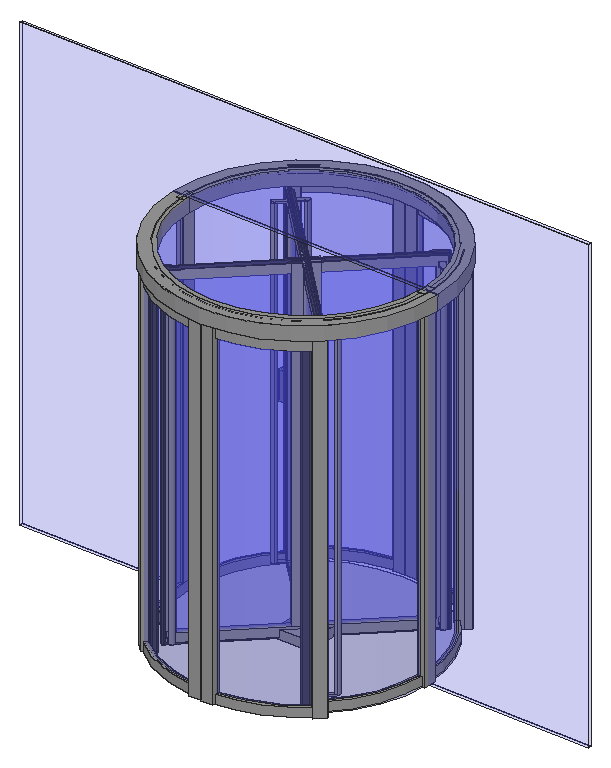
Revit family "Geryon SRD-S01", category Türen, Revit 2016 (continued)
Dimensions and locks
  locked: Extrusion 70 sketch curve to Extrusion 70 sketch curve at 85
  locked: Extrusion 70 sketch curve to Extrusion 70 sketch curve at 48.5
  locked: Extrusion 71 sketch curve to Extrusion 71 sketch curve at 85
  locked: Extrusion 71 sketch curve to Extrusion 71 sketch curve at 48.5
  "DiameterNightLockFrame": Extrusion 71 sketch curve to plane 17
  "DiameterNightLockFrame": plane 15 "120-3" to Extrusion 70 sketch curve
  locked: Extrusion 69 sketch curve to plane 13 "120-1" at 20
  "DiameterNightLockFrame": plane 15 "120-3" to Extrusion 69 sketch curve
  "ConsoleS2": nested 15 to plane 17
  equal spacing: Extrusion 23, nested 6, Sweep 35
  equal spacing: Extrusion 13, nested 11, Extrusion 14
  equal spacing: Extrusion 8, nested 8, Extrusion 8
  equal spacing: Extrusion 7, nested 5, Extrusion 7
  equal spacing: Extrusion 16, nested 9, Extrusion 16
  equal spacing: Extrusion 26, plane 1 "Mitte (Vorne/Hinten)", Extrusion 26
  "DoorThickness": Extrusion 26 to Extrusion 26
  equal spacing: Extrusion 13, plane 10 "180-1", Extrusion 13
  "DoorThickness": Extrusion 13 to Extrusion 13
  equal spacing: nested 8, plane 11 "180-2", Extrusion 8
  "DoorThickness": Extrusion 8 to nested 8
  equal spacing: Extrusion 16, plane 12 "180-3", Extrusion 16
  "DoorThickness": Extrusion 16 to Extrusion 16
  equal spacing: Extrusion 7, plane 9 "180-4", Extrusion 7
  "DoorThickness": Extrusion 7 to Extrusion 7
  equal spacing: Extrusion 23, plane 13 "120-1", Extrusion 23
  "DoorThickness": Extrusion 23 to Extrusion 23
  equal spacing: Extrusion 26, plane 1 "Mitte (Vorne/Hinten)", Extrusion 79 sketch curve
  "DoorThickness": Extrusion 79 sketch curve to Extrusion 79 sketch curve  (x3)
  equal spacing: Extrusion 79 sketch curve, plane 13 "120-1", Extrusion 79 sketch curve
  equal spacing: Extrusion 79 sketch curve, plane 15 "120-3", Extrusion 79 sketch curve
  equal spacing: Extrusion 78 sketch curve, plane 11 "180-2", Extrusion 78 sketch curve
  equal spacing: Extrusion 78 sketch curve, plane 12 "180-3", Extrusion 78 sketch curve
  "DoorThickness": Extrusion 78 sketch curve to Extrusion 78 sketch curve  (x2)
  "FrameThicknessCenter": Extrusion 79 sketch curve to plane 17
  "FrameThicknessCenter": plane 14 "120-2" to Extrusion 79 sketch curve  (x2)
  "FrameThickness": Extrusion 78 sketch curve to Extrusion 78 sketch curve  (x4)
  locked: level to Extrusion 26 sketch curve at 15
  locked: plane 2 to Extrusion 8 sketch curve at 15
  locked: Extrusion 7 sketch curve to plane 2 at 15
  locked: Extrusion 16 sketch curve to plane 8 "access height" at 15
  locked: Extrusion 16 sketch curve to plane 2 at 15
  locked: plane 8 "access height" to Extrusion 7 sketch curve at 15
  locked: Extrusion 23 sketch curve to plane 2 at 15
  locked: plane 8 "access height" to Extrusion 23 sketch curve at 15
  locked: Extrusion 13 sketch curve to plane 2 at 15
  locked: plane 8 "access height" to Extrusion 13 sketch curve at 15
  Extrusion 26 sketch curve to plane 8 "access height" = 15.00 mm
  locked: plane 8 "access height" to Extrusion 8 sketch curve at 15
  "FrameThicknessCenter": plane 19 "upperFrame" to plane 8 "access height"
  "DoorWidth": Extrusion 80 sketch curve to plane 20 "120-3 normal"
  "FrameThickness": Extrusion 80 sketch curve to Extrusion 80 sketch curve  (x3)
  locked: Extrusion 80 sketch curve to plane 2 at 15
  locked: plane 8 "access height" to Extrusion 80 sketch curve at 15
  equal spacing: Extrusion 80, nested 10, Extrusion 80
  equal spacing: Extrusion 80, plane 15 "120-3", Extrusion 80
  "DoorThickness": Extrusion 80 to Extrusion 80
  "Height": plane 2 to plane 7
  equal spacing: Extrusion 1 sketch curve, plane 3 "Mitte (Links/Rechts)", Extrusion 1 sketch curve
  "Width": Extrusion 1 sketch curve to Extrusion 1 sketch curve
  locked: Extrusion 1 to Extrusion 6 sketch curve at 20
  Extrusion 19 sketch curve to Extrusion 1 = 20.00 mm
  "FrameHeight": plane 2 to Extrusion 1 sketch curve
  "AccessLengthOrRadius": radius of curve 1
  "Diameter": radius of curve 2
  "DiameterNightLock": radius of curve 3
  "DiameterNightLockCover": radius of curve 4
  "DiameterNightLockFrame": radius of Extrusion 3 sketch curve
  "DiameterCoverFront": radius of Extrusion 30 sketch curve
  "Diameter": radius of Extrusion 30 sketch curve
  "DiameterCoverFront": radius of Extrusion 39 sketch curve
  "Diameter": radius of Extrusion 39 sketch curve
  "DiameterNightLockGlassInside": radius of Extrusion 45 sketch curve
  "DiameterNightLockGlassOutside": radius of Extrusion 45 sketch curve
  "DiameterNightLockGlassInside": radius of Extrusion 46 sketch curve
  "DiameterNightLockGlassOutside": radius of Extrusion 46 sketch curve
  "DiameterNightLockGlassInside": radius of Extrusion 53 sketch curve
  "DiameterNightLockGlassOutside": radius of Extrusion 53 sketch curve
  "DiameterNightLockGlassInside": radius of Extrusion 54 sketch curve
  "DiameterNightLockGlassOutside": radius of Extrusion 54 sketch curve
  "DiameterNightLockGlassInside": radius of curve 28
  "DiameterNightLockGlassOutside": radius of curve 27
  "DiameterGlassInside": radius of curve 30
  "DiameterGlassOutside": radius of curve 29
  "AccessLengthOrRadius": radius of Extrusion 83 sketch curve
  angle plane 15 "120-3" to plane 16 = 37.50°
  angle plane 16 to plane 11 "180-2" = 37.50°
  aligned and locked: level to plane 2
  aligned and locked: Extrusion 1 to plane 4 "Section L"
  aligned and locked: Extrusion 1 to plane 6 "Oberkante"
  aligned and locked: Extrusion 1 to plane 5 "Section R"
  aligned and locked: Extrusion 1 to level  (x2)
  aligned and locked: Extrusion 21 to nested 3
  aligned and locked: nested 4 to Extrusion 22
  aligned and locked: nested 3 to plane 8 "access height"
  aligned and locked: nested 2 to plane 8 "access height"
  aligned and locked: plane 8 "access height" to nested 1
  aligned and locked: plane 8 "access height" to nested 4
  aligned and locked: Extrusion 30 to plane 8 "access height"
  aligned and locked: plane 7 to Extrusion 30
  aligned and locked: Extrusion 19 to Extrusion 5 sketch curve  (x2)
  aligned and locked: Extrusion 38 sketch curve to curve 2
  aligned and locked: plane 7 to Extrusion 39
  aligned and locked: Extrusion 39 to plane 8 "access height"
  aligned and locked: Extrusion 44 sketch curve to curve 4
  aligned and locked: Extrusion 44 sketch curve to curve 3
  aligned and locked: Extrusion 40 to Extrusion 44 sketch curve
  aligned and locked: Extrusion 42 to Extrusion 44 sketch curve
  aligned and locked: Extrusion 40 to Extrusion 45 sketch curve
  aligned and locked: Extrusion 42 to Extrusion 45 sketch curve
  aligned and locked: Extrusion 47 sketch curve to curve 3
  aligned and locked: Extrusion 47 sketch curve to curve 4
  aligned and locked: Extrusion 47 sketch curve to Extrusion 43
  aligned and locked: Extrusion 46 sketch curve to Extrusion 43
  aligned and locked: Extrusion 43 to Extrusion 48 sketch curve
  aligned and locked: Extrusion 48 sketch curve to curve 4  (x2)
  aligned and locked: Extrusion 48 sketch curve to curve 3  (x2)
  aligned and locked: Extrusion 42 to Extrusion 48 sketch curve
  aligned and locked: Extrusion 40 to Extrusion 48 sketch curve
  aligned and locked: plane 8 "access height" to Extrusion 48
  aligned and locked: Extrusion 53 sketch curve to Extrusion 49
  aligned and locked: Extrusion 53 sketch curve to Extrusion 51
  aligned and locked: Extrusion 52 to Extrusion 54 sketch curve
  aligned and locked: plane 8 "access height" to Extrusion 56
  aligned and locked: Extrusion 55 sketch curve to curve 4  (x2)
  aligned and locked: Extrusion 55 sketch curve to curve 3  (x2)
  aligned and locked: Extrusion 51 to Extrusion 55 sketch curve
  aligned and locked: Extrusion 49 to Extrusion 55 sketch curve
  aligned and locked: Extrusion 50 to Extrusion 55 sketch curve
  aligned and locked: Extrusion 52 to Extrusion 55 sketch curve
  aligned and locked: Extrusion 56 sketch curve to curve 4  (x2)
  aligned and locked: Extrusion 56 sketch curve to curve 3  (x2)
  aligned and locked: Extrusion 51 to Extrusion 56 sketch curve
  aligned and locked: Extrusion 49 to Extrusion 56 sketch curve
  aligned and locked: Extrusion 50 to Extrusion 56 sketch curve
  aligned and locked: Extrusion 52 to Extrusion 56 sketch curve
  aligned and locked: nested 4 to nested 12
  aligned and locked: plane 8 "access height" to Extrusion 49
  aligned and locked: plane 8 "access height" to Extrusion 50
  aligned and locked: plane 8 "access height" to Extrusion 51
  aligned and locked: plane 8 "access height" to Extrusion 42
  aligned and locked: plane 8 "access height" to Extrusion 20
  aligned and locked: plane 8 "access height" to Extrusion 52
  aligned and locked: plane 8 "access height" to Extrusion 22
  aligned and locked: plane 8 "access height" to Extrusion 21
  aligned and locked: plane 8 "access height" to Extrusion 40
  aligned and locked: plane 8 "access height" to Extrusion 41
  aligned and locked: plane 8 "access height" to Extrusion 43
  aligned and locked: nested 1 to Extrusion 57
  aligned and locked: Extrusion 59 sketch curve to curve 1
  aligned and locked: Extrusion 59 sketch curve to plane 9 "180-4"
  aligned and locked: Extrusion 59 sketch curve to plane 12 "180-3"
  aligned and locked: Extrusion 59 sketch curve to curve 2
  aligned and locked: plane 8 "access height" to Extrusion 60
  aligned and locked: plane 8 "access height" to Extrusion 57
  aligned and locked: Extrusion 61 to nested 14  (x2)
  aligned and locked: Extrusion 63 sketch curve to curve 3
  aligned and locked: Extrusion 63 sketch curve to curve 4
  aligned and locked: Extrusion 63 sketch curve to plane 15 "120-3"
  aligned and locked: Extrusion 63 sketch curve to plane 11 "180-2"
  aligned and locked: Extrusion 64 sketch curve to curve 27  (x2)
  aligned and locked: Extrusion 64 sketch curve to curve 28  (x2)
  aligned and locked: Extrusion 67 to plane 16
  aligned and locked: Extrusion 68 sketch curve to curve 3
  aligned and locked: Extrusion 68 sketch curve to curve 4
  aligned and locked: Extrusion 68 sketch curve to plane 11 "180-2"
  aligned and locked: Extrusion 68 sketch curve to plane 15 "120-3"
  aligned and locked: Extrusion 65 sketch curve to curve 28  (x2)
  aligned and locked: Extrusion 65 sketch curve to curve 27  (x2)
  aligned and locked: Extrusion 66 to Extrusion 65 sketch curve
  aligned and locked: Extrusion 67 to Extrusion 65 sketch curve
  aligned and locked: plane 17 to Extrusion 71 sketch curve
  aligned and locked: plane 17 to Extrusion 70 sketch curve
  aligned and locked: Extrusion 69 to nested 15
  aligned and locked: Extrusion 72 sketch curve to curve 4  (x2)
  aligned and locked: Extrusion 72 sketch curve to curve 3  (x2)
  aligned and locked: Extrusion 70 to Extrusion 72 sketch curve
  aligned and locked: Extrusion 71 to Extrusion 72 sketch curve
  aligned and locked: Extrusion 69 to Extrusion 72 sketch curve
  aligned and locked: Extrusion 52 to Extrusion 72 sketch curve
  aligned and locked: Extrusion 73 sketch curve to curve 4  (x2)
  aligned and locked: Extrusion 73 sketch curve to curve 3  (x2)
  aligned and locked: Extrusion 69 to Extrusion 73 sketch curve
  aligned and locked: Extrusion 70 to Extrusion 73 sketch curve
  aligned and locked: Extrusion 71 to Extrusion 73 sketch curve
  aligned and locked: Extrusion 52 to Extrusion 73 sketch curve
  aligned and locked: plane 8 "access height" to Extrusion 73
  aligned and locked: plane 8 "access height" to Extrusion 65
  aligned and locked: Extrusion 74 sketch curve to curve 27
  aligned and locked: Extrusion 74 sketch curve to curve 28  (x2)
  aligned and locked: Extrusion 69 to Extrusion 74 sketch curve
  aligned and locked: Extrusion 52 to Extrusion 74 sketch curve
  aligned and locked: Extrusion 70 to Extrusion 74 sketch curve
  aligned and locked: Extrusion 71 to Extrusion 74 sketch curve
  aligned and locked: Extrusion 74 sketch curve to Extrusion 53
  aligned and locked: Extrusion 62 to Extrusion 64 sketch curve
  aligned and locked: Extrusion 64 sketch curve to Extrusion 43
  aligned and locked: Extrusion 66 to Extrusion 64 sketch curve
  aligned and locked: Extrusion 67 to Extrusion 64 sketch curve
  aligned and locked: Extrusion 62 to Extrusion 65 sketch curve
  aligned and locked: Extrusion 43 to Extrusion 65 sketch curve
  aligned and locked: Extrusion 75 sketch curve to curve 2
  aligned and locked: Extrusion 75 sketch curve to curve 1
  aligned and locked: Extrusion 75 sketch curve to plane 13 "120-1"
  aligned and locked: Extrusion 75 sketch curve to plane 15 "120-3"
  aligned and locked: Extrusion 76 sketch curve to curve 1
  aligned and locked: Extrusion 76 sketch curve to curve 2
  aligned and locked: Extrusion 76 sketch curve to plane 10 "180-1"
  aligned and locked: Extrusion 76 sketch curve to plane 11 "180-2"
  aligned and locked: Extrusion 6 to Extrusion 58 sketch curve  (x2)
  aligned and locked: Extrusion 58 sketch curve to plane 9 "180-4"
  aligned and locked: Extrusion 58 sketch curve to curve 30  (x2)
  aligned and locked: Extrusion 58 sketch curve to curve 29  (x2)
  aligned and locked: Extrusion 58 sketch curve to plane 12 "180-3"
  aligned and locked: Extrusion 6 to Extrusion 77 sketch curve  (x2)
  aligned and locked: Extrusion 77 sketch curve to curve 29  (x2)
  aligned and locked: Extrusion 77 sketch curve to curve 30  (x2)
  aligned and locked: Extrusion 61 to Extrusion 77 sketch curve
  aligned and locked: Extrusion 57 to Extrusion 77 sketch curve
  aligned and locked: plane 11 "180-2" to Extrusion 13 sketch curve  (x2)
  aligned and locked: Extrusion 8 sketch curve to plane 12 "180-3"
  aligned and locked: Extrusion 23 sketch curve to Extrusion 23 sketch curve
  aligned and locked: Extrusion 26 sketch curve to plane 3 "Mitte (Links/Rechts)"
  aligned and locked: plane 11 "180-2" to Extrusion 14
  aligned and locked: plane 12 "180-3" to Extrusion 9
  aligned and locked: plane 18 to Extrusion 24
  aligned and locked: plane 18 to Extrusion 25
  aligned and locked: nested 6 to Extrusion 23
  aligned and locked: nested 7 to Extrusion 26
  aligned and locked: nested 11 to Extrusion 13
  aligned and locked: nested 8 to Extrusion 8
  aligned and locked: Extrusion 15 to Extrusion 29 sketch curve
  aligned and locked: Extrusion 5 sketch curve to curve 29  (x2)
  aligned and locked: Extrusion 5 sketch curve to curve 30  (x2)
  aligned and locked: Extrusion 26 to plane 3 "Mitte (Links/Rechts)"
  aligned and locked: Extrusion 78 sketch curve to Extrusion 78 sketch curve  (x4)
  aligned and locked: plane 11 "180-2" to Extrusion 16 sketch curve  (x2)
  aligned and locked: plane 12 "180-3" to Extrusion 7 sketch curve  (x2)
  aligned and locked: Extrusion 9 to Extrusion 7
  aligned and locked: Extrusion 23 sketch curve to plane 18
  aligned and locked: Extrusion 29 to Extrusion 16  (x2)
  aligned and locked: plane 3 "Mitte (Links/Rechts)" to Extrusion 26 sketch curve
  aligned and locked: plane 12 "180-3" to Extrusion 8 sketch curve
  aligned and locked: Extrusion 56 to plane 19 "upperFrame"
  aligned and locked: Extrusion 73 to plane 19 "upperFrame"
  aligned and locked: plane 19 "upperFrame" to Extrusion 74
  aligned and locked: plane 19 "upperFrame" to Extrusion 53
  aligned and locked: plane 19 "upperFrame" to Extrusion 9
  aligned and locked: Extrusion 48 to plane 19 "upperFrame"
  aligned and locked: plane 19 "upperFrame" to Extrusion 45
  aligned and locked: Extrusion 68 to plane 19 "upperFrame"
  aligned and locked: Extrusion 65 to plane 19 "upperFrame"
  aligned and locked: plane 19 "upperFrame" to Extrusion 64
  aligned and locked: plane 19 "upperFrame" to Extrusion 54
  aligned and locked: plane 19 "upperFrame" to Extrusion 27
  aligned and locked: plane 19 "upperFrame" to Extrusion 12
  aligned and locked: plane 19 "upperFrame" to Extrusion 46
  aligned and locked: plane 19 "upperFrame" to Extrusion 28
  aligned and locked: plane 19 "upperFrame" to Extrusion 11
  aligned and locked: plane 19 "upperFrame" to Extrusion 15
  aligned and locked: plane 19 "upperFrame" to Extrusion 14
  aligned and locked: plane 19 "upperFrame" to Extrusion 17
  aligned and locked: plane 19 "upperFrame" to Extrusion 18
  aligned and locked: plane 19 "upperFrame" to Extrusion 10
  aligned and locked: Extrusion 25 to Extrusion 23
  aligned and locked: Extrusion 24 to Extrusion 23
  aligned and locked: Extrusion 15 to Extrusion 13
  aligned and locked: Extrusion 14 to Extrusion 13
  aligned and locked: Extrusion 28 to Extrusion 26
  aligned and locked: Extrusion 27 to Extrusion 26
  aligned and locked: Extrusion 12 to Extrusion 8
  aligned and locked: Extrusion 11 to Extrusion 8
  aligned and locked: Extrusion 17 to Extrusion 16
  aligned and locked: nested 9 to Extrusion 16
  aligned and locked: Extrusion 7 to nested 5
  aligned and locked: Extrusion 23 to nested 6
  aligned and locked: Extrusion 80 sketch curve to plane 20 "120-3 normal"  (x2)
  aligned and locked: Extrusion 18 to Extrusion 16
  aligned and locked: Extrusion 10 to Extrusion 7
  aligned and locked: Extrusion 80 to nested 10
  aligned and locked: Extrusion 5 sketch curve to Extrusion 20
  aligned and locked: Extrusion 22 to Extrusion 5 sketch curve
  aligned and locked: Extrusion 78 to Extrusion 7
  aligned and locked: Extrusion 79 to Extrusion 7
  aligned and locked: Extrusion 26 to nested 16
  aligned and locked: Extrusion 8 to nested 17
  aligned and locked: Extrusion 80 to nested 18
  aligned and locked: Extrusion 16 to nested 19
  aligned and locked: Extrusion 7 to nested 20
  aligned and locked: Extrusion 23 to nested 21
  aligned and locked: Extrusion 13 to nested 22
  aligned and locked: nested 8 to nested 17
  aligned and locked: nested 7 to nested 16
  aligned and locked: nested 10 to nested 18
  aligned and locked: nested 9 to nested 19
  aligned and locked: nested 5 to nested 20
  aligned and locked: nested 6 to nested 21
  aligned and locked: nested 11 to nested 22
  aligned and locked: Extrusion 24 to Extrusion 7  (x2)
  aligned and locked: Extrusion 25 to Extrusion 7
  aligned and locked: Extrusion 27 to Extrusion 8
  aligned and locked: plane 8 "access height" to Extrusion 71
  aligned and locked: plane 8 "access height" to Extrusion 70
  aligned and locked: plane 8 "access height" to Extrusion 66
  aligned and locked: plane 8 "access height" to Extrusion 67
  aligned and locked: plane 8 "access height" to Extrusion 68
  aligned and locked: nested 14 to plane 8 "access height"
  aligned and locked: plane 8 "access height" to Extrusion 61
  aligned and locked: plane 8 "access height" to Extrusion 62
  aligned and locked: plane 8 "access height" to Extrusion 69
  aligned and locked: Extrusion 29 to Extrusion 80
  aligned and locked: Extrusion 81 sketch curve to plane 20 "120-3 normal"
  aligned and locked: Extrusion 80 to Extrusion 81 sketch curve
  aligned and locked: Extrusion 81 sketch curve to Extrusion 80  (x2)
  aligned and locked: Extrusion 82 sketch curve to Extrusion 83
  aligned and locked: Extrusion 82 sketch curve to Extrusion 3
  aligned and locked: Extrusion 9 to Extrusion 72
Automatic sketch dimensions
  plane 1 "Mitte (Vorne/Hinten)" to curve 26 = 0.00 mm
  curve 26 to plane 3 "Mitte (Links/Rechts)" = 0.00 mm
  plane 9 "180-4" to Extrusion 2 sketch curve = 0.00 mm
  Extrusion 4 sketch curve to plane 15 "120-3" = 0.00 mm
  plane 1 "Mitte (Vorne/Hinten)" to Extrusion 4 sketch curve = 0.00 mm
  plane 10 "180-1" to Extrusion 4 sketch curve = 52.023 mm
  Extrusion 4 sketch curve to Extrusion 4 sketch curve = 147.131 mm
  Extrusion 4 sketch curve to Extrusion 4 sketch curve = 199.686 mm
  Extrusion 4 sketch curve to Extrusion 4 sketch curve = 285.181 mm
  plane 1 "Mitte (Vorne/Hinten)" to Extrusion 6 sketch curve = 42.50 mm
  Extrusion 9 sketch curve to plane 10 "180-1" = 0.00 mm
  level to Extrusion 10 sketch curve = 63.00 mm
  Extrusion 10 sketch curve to plane 8 "access height" = 75.00 mm
  level to Extrusion 11 sketch curve = 63.00 mm
  Extrusion 11 sketch curve to plane 8 "access height" = 75.00 mm
  level to Extrusion 12 sketch curve = 63.00 mm
  Extrusion 12 sketch curve to plane 8 "access height" = 75.00 mm
  plane 9 "180-4" to Extrusion 14 sketch curve = 0.00 mm
  level to Extrusion 14 sketch curve = 63.00 mm
  Extrusion 14 sketch curve to Extrusion 14 sketch curve = 727.00 mm
  Extrusion 14 sketch curve to plane 8 "access height" = 75.00 mm
  plane 9 "180-4" to Extrusion 15 sketch curve = 0.001 mm
  level to Extrusion 15 sketch curve = 63.00 mm
  Extrusion 15 sketch curve to Extrusion 15 sketch curve = 726.999 mm
  Extrusion 15 sketch curve to plane 8 "access height" = 75.00 mm
  plane 9 "180-4" to Extrusion 17 sketch curve = 0.001 mm
  level to Extrusion 17 sketch curve = 63.00 mm
  Extrusion 17 sketch curve to Extrusion 17 sketch curve = 727.001 mm
  Extrusion 17 sketch curve to plane 8 "access height" = 75.00 mm
  plane 9 "180-4" to Extrusion 18 sketch curve = 0.001 mm
  level to Extrusion 18 sketch curve = 63.00 mm
  Extrusion 18 sketch curve to Extrusion 18 sketch curve = 727.001 mm
  Extrusion 18 sketch curve to plane 8 "access height" = 75.00 mm
  Extrusion 19 sketch curve to plane 1 "Mitte (Vorne/Hinten)" = 42.50 mm
  Extrusion 24 sketch curve to Extrusion 24 sketch curve = 727.00 mm
  level to Extrusion 25 sketch curve = 63.00 mm
  Extrusion 25 sketch curve to Extrusion 25 sketch curve = 727.00 mm
  Extrusion 25 sketch curve to plane 8 "access height" = 78.00 mm
  plane 3 "Mitte (Links/Rechts)" to Extrusion 27 sketch curve = 0.00 mm
  level to Extrusion 28 sketch curve = 63.00 mm
  Extrusion 28 sketch curve to plane 8 "access height" = 75.00 mm
  Extrusion 44 sketch curve to Extrusion 44 sketch curve = 0.00 mm  (x2)
  plane 3 "Mitte (Links/Rechts)" to Extrusion 47 sketch curve = 77.839 mm
  plane 3 "Mitte (Links/Rechts)" to Extrusion 48 sketch curve = 77.839 mm
  Extrusion 58 sketch curve to plane 10 "180-1" = 0.00 mm  (x2)
  Extrusion 59 sketch curve to plane 9 "180-4" = 0.00 mm  (x2)
  Extrusion 63 sketch curve to plane 15 "120-3" = 0.00 mm  (x2)
  Extrusion 68 sketch curve to plane 15 "120-3" = 0.00 mm  (x2)
  Extrusion 73 sketch curve to Extrusion 73 sketch curve = 0.00 mm  (x2)
  Extrusion 75 sketch curve to plane 13 "120-1" = 0.00 mm  (x2)
  plane 10 "180-1" to Extrusion 76 sketch curve = 0.00 mm  (x2)
  plane 10 "180-1" to Extrusion 11 sketch curve = 0.00 mm
  plane 10 "180-1" to Extrusion 12 sketch curve = 0.00 mm
  Extrusion 10 sketch curve to plane 10 "180-1" = 0.001 mm
  plane 3 "Mitte (Links/Rechts)" to Extrusion 28 sketch curve = 0.00 mm
  Extrusion 27 sketch curve to plane 8 "access height" = 75.00 mm
  level to Extrusion 27 sketch curve = 78.00 mm
  Extrusion 11 sketch curve to Extrusion 11 sketch curve = 727.00 mm
  Extrusion 12 sketch curve to Extrusion 12 sketch curve = 727.00 mm
  Extrusion 9 sketch curve to plane 8 "access height" = 75.00 mm
  level to Extrusion 9 sketch curve = 63.00 mm
  Extrusion 9 sketch curve to Extrusion 9 sketch curve = 727.00 mm
  Extrusion 10 sketch curve to Extrusion 10 sketch curve = 726.999 mm
  Extrusion 24 sketch curve to plane 18 = 0.00 mm
  level to Extrusion 24 sketch curve = 78.00 mm
  Extrusion 24 sketch curve to plane 8 "access height" = 78.00 mm
  level to Extrusion 29 sketch curve = 78.00 mm
  Extrusion 29 sketch curve to plane 19 "upperFrame" = 3.00 mm
  Extrusion 29 sketch curve to plane 20 "120-3 normal" = 727.00 mm
  Extrusion 27 sketch curve to Extrusion 27 sketch curve = 727.00 mm
  Extrusion 28 sketch curve to Extrusion 28 sketch curve = 727.00 mm
  curve 1 to curve 2 = 0.00 mm  (x2)
  curve 1 to curve 3 = 0.00 mm  (x2)
  curve 1 to curve 4 = 0.00 mm  (x2)
  curve 1 to curve 27 = 0.00 mm  (x2)
  curve 1 to curve 28 = 0.00 mm  (x2)
  curve 1 to curve 29 = 0.00 mm  (x2)
  curve 1 to curve 30 = 0.00 mm  (x2)
  plane 1 "Mitte (Vorne/Hinten)" to curve 24 = 0.00 mm
  plane 1 "Mitte (Vorne/Hinten)" to curve 4 = 0.00 mm
  curve 4 to plane 3 "Mitte (Links/Rechts)" = 0.00 mm
  plane 13 "120-1" to curve 23 = 0.00 mm
  plane 15 "120-3" to curve 23 = 0.00 mm
  curve 25 to curve 1 = 40.00 mm
  plane 3 "Mitte (Links/Rechts)" to curve 23 = 20.00 mm  (x2)
  plane 1 "Mitte (Vorne/Hinten)" to Extrusion 3 sketch curve = 0.00 mm
  Extrusion 3 sketch curve to plane 3 "Mitte (Links/Rechts)" = 0.00 mm
  Extrusion 30 sketch curve to Extrusion 30 sketch curve = 0.00 mm
  plane 1 "Mitte (Vorne/Hinten)" to Extrusion 30 sketch curve = 0.00 mm
  Extrusion 30 sketch curve to plane 3 "Mitte (Links/Rechts)" = 0.00 mm
  Extrusion 39 sketch curve to Extrusion 39 sketch curve = 0.00 mm
  plane 1 "Mitte (Vorne/Hinten)" to Extrusion 39 sketch curve = 0.00 mm
  Extrusion 39 sketch curve to plane 3 "Mitte (Links/Rechts)" = 0.00 mm
  Extrusion 40 sketch curve to plane 3 "Mitte (Links/Rechts)" = 0.00 mm
  Extrusion 40 sketch curve to Extrusion 40 sketch curve = 1.80 mm  (x2)
  Extrusion 40 sketch curve to Extrusion 40 sketch curve = 2.00 mm  (x2)
  Extrusion 41 sketch curve to Extrusion 41 sketch curve = 2.00 mm  (x4)
  Extrusion 41 sketch curve to plane 3 "Mitte (Links/Rechts)" = 0.00 mm
  Extrusion 42 sketch curve to Extrusion 42 sketch curve = 2.00 mm  (x4)
  plane 10 "180-1" to Extrusion 42 sketch curve = 65.00 mm
  Extrusion 43 sketch curve to Extrusion 43 sketch curve = 2.00 mm  (x4)
  plane 9 "180-4" to Extrusion 43 sketch curve = 19.998 mm
  Extrusion 45 sketch curve to Extrusion 45 sketch curve = 0.00 mm  (x2)
  plane 1 "Mitte (Vorne/Hinten)" to Extrusion 45 sketch curve = 0.00 mm
  Extrusion 45 sketch curve to plane 3 "Mitte (Links/Rechts)" = 0.00 mm
  Extrusion 46 sketch curve to Extrusion 46 sketch curve = 0.00 mm  (x2)
  plane 1 "Mitte (Vorne/Hinten)" to Extrusion 46 sketch curve = 0.00 mm
  Extrusion 46 sketch curve to plane 3 "Mitte (Links/Rechts)" = 0.00 mm
  Extrusion 46 sketch curve to plane 3 "Mitte (Links/Rechts)" = 85.00 mm
  Extrusion 49 sketch curve to Extrusion 49 sketch curve = 1.80 mm  (x2)
  plane 3 "Mitte (Links/Rechts)" to Extrusion 49 sketch curve = 0.00 mm
  Extrusion 49 sketch curve to Extrusion 49 sketch curve = 2.00 mm  (x2)
  Extrusion 50 sketch curve to Extrusion 50 sketch curve = 2.00 mm  (x4)
  plane 3 "Mitte (Links/Rechts)" to Extrusion 50 sketch curve = 0.001 mm
  Extrusion 51 sketch curve to Extrusion 51 sketch curve = 2.00 mm  (x4)
  Extrusion 51 sketch curve to plane 9 "180-4" = 20.001 mm
  Extrusion 52 sketch curve to Extrusion 52 sketch curve = 2.00 mm  (x4)
  Extrusion 52 sketch curve to plane 10 "180-1" = 65.00 mm
  Extrusion 53 sketch curve to Extrusion 53 sketch curve = 0.00 mm  (x2)
  plane 1 "Mitte (Vorne/Hinten)" to Extrusion 53 sketch curve = 0.00 mm
  Extrusion 53 sketch curve to plane 3 "Mitte (Links/Rechts)" = 0.00 mm
  Extrusion 54 sketch curve to Extrusion 54 sketch curve = 0.00 mm  (x2)
  Extrusion 54 sketch curve to plane 3 "Mitte (Links/Rechts)" = 0.00 mm
  Extrusion 54 sketch curve to plane 9 "180-4" = 0.00 mm
  plane 3 "Mitte (Links/Rechts)" to Extrusion 54 sketch curve = 85.00 mm
  Extrusion 57 sketch curve to Extrusion 57 sketch curve = 2.00 mm  (x4)
  Extrusion 57 sketch curve to plane 13 "120-1" = 20.001 mm
  Extrusion 60 sketch curve to Extrusion 60 sketch curve = 2.00 mm  (x4)
  Extrusion 62 sketch curve to Extrusion 62 sketch curve = 2.00 mm  (x4)
  Extrusion 62 sketch curve to plane 15 "120-3" = 65.00 mm
  Extrusion 66 sketch curve to plane 16 = 0.00 mm
  Extrusion 66 sketch curve to Extrusion 66 sketch curve = 1.80 mm  (x2)
  Extrusion 66 sketch curve to Extrusion 66 sketch curve = 2.00 mm  (x2)
  Extrusion 67 sketch curve to plane 16 = 0.00 mm
  Extrusion 67 sketch curve to Extrusion 67 sketch curve = 1.80 mm  (x2)
  Extrusion 67 sketch curve to Extrusion 67 sketch curve = 2.00 mm  (x2)
  Extrusion 69 sketch curve to Extrusion 69 sketch curve = 2.00 mm  (x4)
  Extrusion 70 sketch curve to Extrusion 70 sketch curve = 1.80 mm  (x2)
  Extrusion 70 sketch curve to Extrusion 70 sketch curve = 2.00 mm
  plane 17 to Extrusion 70 sketch curve = 2.00 mm
  Extrusion 70 sketch curve to Extrusion 70 sketch curve = 0.00 mm
  Extrusion 71 sketch curve to Extrusion 71 sketch curve = 1.80 mm  (x2)
  Extrusion 71 sketch curve to Extrusion 71 sketch curve = 2.00 mm
  plane 17 to Extrusion 71 sketch curve = 2.00 mm
  Extrusion 71 sketch curve to Extrusion 71 sketch curve = 0.00 mm
  plane 1 "Mitte (Vorne/Hinten)" to Extrusion 83 sketch curve = 0.00 mm
  Extrusion 83 sketch curve to plane 3 "Mitte (Links/Rechts)" = 0.00 mm
  Extrusion 1 sketch curve to level = 0.00 mm  (x2)
  plane 4 "Section L" to Extrusion 1 sketch curve = 0.00 mm
  plane 5 "Section R" to Extrusion 1 sketch curve = 0.00 mm
  Extrusion 1 sketch curve to plane 6 "Oberkante" = 0.00 mm
  radius of curve 26 = 3224.078 mm
Nested families
  nested 1: "rubber profile" at (-370.811, 772.302, 0) x (0.5, -0.866, 0) z (0, 0, 1), visible <- "RotationInterval 120", type "rubber profile"
    with ClearHeight 2400.00 mm
  nested 2: "rubber profile" at (558.107, 650.008, 0) x (-0.7071, -0.7071, 0) z (0, 0, 1), type "rubber profile"
    with ClearHeight 2400.00 mm
  nested 3: "rubber profile" at (-558.061, -650.008, 0) x (0.7071, 0.7071, 0) z (0, 0, 1), visible <- "RotationInterval 180", type "rubber profile"
    with ClearHeight 2400.00 mm
  nested 4: "rubber profile" at (558.108, -650.007, 0) x (-0.7071, 0.7071, 0) z (0, 0, 1), type "rubber profile"
    with ClearHeight 2400.00 mm
  nested 5: "handle" at (-522.175, 550.483, 0) x (0.7071, -0.7071, 0) z (0, 0, 1), visible <- "HasGrabHandles 180", type "grabHandle"
    with ClearHeight 2400.00 mm
  nested 6: "handle" at (-361.906, 666.88, 0) x (0.5, -0.866, 0) z (0, 0, 1), visible <- "HasGrabHandles 120", type "grabHandle"
    with ClearHeight 2400.00 mm
  nested 7: "handle" at (758.523, -20, 0) x (-1, 0, 0) z (0, 0, 1), visible <- "HasGrabHandles 120", type "grabHandle"
    with ClearHeight 2400.00 mm
  nested 8: "handle" at (522.221, -550.483, 0) x (-0.7071, 0.7071, 0) z (0, 0, 1), visible <- "HasGrabHandles 180", type "grabHandle"
    with ClearHeight 2400.00 mm
  nested 9: "handle" at (-550.46, -522.198, 0) x (0.7071, 0.7071, 0) z (0, 0, 1), visible <- "HasGrabHandles 180", type "grabHandle"
    with ClearHeight 2400.00 mm
  nested 10: "handle" at (-396.547, -646.88, 0) x (0.5, 0.866, 0) z (0, 0, 1), visible <- "HasGrabHandles 120", type "grabHandle"
    with ClearHeight 2400.00 mm
  nested 11: "handle" at (550.506, 522.198, 0) x (-0.7071, -0.7071, 0) z (0, 0, 1), visible <- "HasGrabHandles 180", type "grabHandle"
    with ClearHeight 2400.00 mm
  nested 12: "console" at (610.964, -702.864, 950) x (0.7071, -0.7071, 0) z (0, 0, 1), visible <- "HasConsoleS1", type <- "ConsoleType", type "Type 5"
    with OpeningStart 49.00 mm, ConsoleHeight 192.00 mm
  nested 13: "console" at (-610.917, 702.864, 950) x (-0.7071, 0.7071, 0) z (0, 0, 1), visible <- "HasLock 180", type <- "ConsoleType", type "Type 5"
    with OpeningStart 49.00 mm, ConsoleHeight 192.00 mm
  nested 14: "rubber profile" at (-370.81, -772.302, 0) x (0.5, 0.866, 0) z (0, 0, 1), visible <- "RotationInterval 120", type "rubber profile"
    with ClearHeight 2400.00 mm
  nested 15: "console" at (-408.185, 837.038, 950) x (-0.5, 0.866, 0) z (0, 0, 1), visible <- "HasConsoleS2 120", type <- "ConsoleType", type "Type 5"
    with OpeningStart 49.00 mm, ConsoleHeight 192.00 mm
  nested 16: "handle" at (758.523, 20, 0) x (-1, 0, 0) z (0, 0, 1), visible <- "HasGrabHandles 120", type "grabHandle"
    with ClearHeight 2400.00 mm
  nested 17: "handle" at (550.506, -522.198, 0) x (-0.7071, 0.7071, 0) z (0, 0, 1), visible <- "HasGrabHandles 180", type "grabHandle"
    with ClearHeight 2400.00 mm
  nested 18: "handle" at (-361.906, -666.88, 0) x (0.5, 0.866, 0) z (0, 0, 1), visible <- "HasGrabHandles 120", type "grabHandle"
    with ClearHeight 2400.00 mm
  nested 19: "handle" at (-522.175, -550.483, 0) x (0.7071, 0.7071, 0) z (0, 0, 1), visible <- "HasGrabHandles 180", type "grabHandle"
    with ClearHeight 2400.00 mm
  nested 20: "handle" at (-550.46, 522.198, 0) x (0.7071, -0.7071, 0) z (0, 0, 1), visible <- "HasGrabHandles 180", type "grabHandle"
    with ClearHeight 2400.00 mm
  nested 21: "handle" at (-396.547, 646.88, 0) x (0.5, -0.866, 0) z (0, 0, 1), visible <- "HasGrabHandles 120", type "grabHandle"
    with ClearHeight 2400.00 mm
  nested 22: "handle" at (522.221, 550.483, 0) x (-0.7071, -0.7071, 0) z (0, 0, 1), visible <- "HasGrabHandles 180", type "grabHandle"
    with ClearHeight 2400.00 mm
Definition of nested family "rubber profile"
  Parameters
    RubberMaterial = none
    ClearHeight [instance] = 860.00 mm
  Reference planes
    plane 1 "Mitte (Vorne/Hinten)": y = 0
    plane 2: z = 0
    plane 3 "Mitte (Links/Rechts)": x = 0
    plane 4: z = 860
  Forms (mm)
    Extrusion 1, solid, material <- "RubberMaterial"
      sketch origin (959.147, -87.353, 0) x (0.707107, 0.707107, 0) y (-0.707107, 0.707107, 0)
        loop
          arc (-590.457, 784.714) -> (-606.688, 774.354) -> (-621.477, 762.023) r 151.839
          arc (-621.477, 762.023) -> (-625.471, 757.342) -> (-628.391, 751.926) r 29.082
          line (-628.391, 751.926) -> (-604.513, 728.049)
          arc (-604.513, 728.049) -> (-599.097, 730.968) -> (-594.416, 734.962) r 29.082
          arc (-594.416, 734.962) -> (-582.085, 749.751) -> (-571.725, 765.982) r 151.839
          arc (-571.725, 765.982) -> (-574.044, 782.395) -> (-590.457, 784.714) r 13.785
      from 0 to 860
  Dimensions and locks
    "ClearHeight": plane 2 to plane 4
    aligned and locked: level to plane 2
    aligned and locked: plane 4 to Extrusion 1
  Automatic sketch dimensions
    plane 1 "Mitte (Vorne/Hinten)" to Extrusion 1 sketch curve = 0.00 mm  (x2)
    Extrusion 1 sketch curve to plane 3 "Mitte (Links/Rechts)" = 0.00 mm
    Extrusion 1 sketch curve to plane 1 "Mitte (Vorne/Hinten)" = 7.937 mm
    Extrusion 1 sketch curve to plane 3 "Mitte (Links/Rechts)" = 132.648 mm
    Extrusion 1 sketch curve to Extrusion 1 sketch curve = 76.246 mm  (x2)
    Extrusion 1 sketch curve to Extrusion 1 sketch curve = 12.864 mm  (x2)
    Extrusion 1 sketch curve to Extrusion 1 sketch curve = 11.013 mm
    Extrusion 1 sketch curve to Extrusion 1 sketch curve = 3.039 mm
    Extrusion 1 sketch curve to Extrusion 1 sketch curve = 17.683 mm
    Extrusion 1 sketch curve to Extrusion 1 sketch curve = 87.47 mm
    Extrusion 1 sketch curve to Extrusion 1 sketch curve = 7.059 mm
    Extrusion 1 sketch curve to Extrusion 1 sketch curve = 0.00 mm  (x3)
Definition of nested family "handle"
  Parameters
    HasHandleBar = yes
    HasGrabHandle = no
    HandleMaterial = none
    ClearHeight = 2180.00 mm
  Reference planes
    plane 1 "Mitte (Vorne/Hinten)": y = 0
    plane 2: z = 0
    plane 3 "Mitte (Links/Rechts)": x = 0
    plane 4: z = 2180
  Forms (mm)
    Sweep 1, solid, material <- "HandleMaterial", visible <- "HasGrabHandle"
      path in 3D
        loop
          line (0, 0, 1200) -> (0, 37, 1200)
          arc (0, 37, 1200) -> (10.251, 61.749, 1200) -> (35, 72, 1200) r 35
          line (35, 72, 1200) -> (70, 72, 1200)
          arc (70, 72, 1200) -> (94.749, 72, 1189.749) -> (105, 72, 1165) r 35
          line (105, 72, 1165) -> (105, 72, 935)
          arc (105, 72, 935) -> (94.749, 72, 910.251) -> (70, 72, 900) r 35
          line (70, 72, 900) -> (35, 72, 900)
          arc (35, 72, 900) -> (10.251, 61.749, 900) -> (0, 37, 900) r 35
          line (0, 37, 900) -> (0, 0, 900)
      profile origin (0, 18.5, 1200) x (-1, 0, 0) y (0, 0, 1)
        loop
          circle (0, 0) r 16
    Extrusion 2, solid, material <- "HandleMaterial", visible <- "HasHandleBar"
      sketch origin (0, -12.5, 0) x (1, 0, 0) y (0, 1, 0)
        loop
          line (-17, 12.5) -> (17, 12.5) -> (17, 85.512)
          arc (17, 85.512) -> (0, 102.512) -> (-17, 85.512) r 17
          line (-17, 85.512) -> (-17, 12.5)
      from 52 to 55
    Extrusion 3, solid, material <- "HandleMaterial", visible <- "HasHandleBar"
      sketch origin (0, -12.5, 20) x (1, 0, 0) y (0, 1, 0)
        loop
          circle (0, 85.512) r 17
      from 35 to 2105
    Extrusion 4, solid, material <- "HandleMaterial", visible <- "HasHandleBar"
      sketch origin (0, -12.5, 20) x (1, 0, 0) y (0, 0, 1)
        loop
          line (-16.993, 63.5) -> (-16.993, 35) -> (16.993, 35) -> (16.993, 63.5)
          arc (16.993, 63.5) -> (16.114, 65.621) -> (13.993, 66.5) r 3
          line (13.993, 66.5) -> (-13.993, 66.5)
          arc (-13.993, 66.5) -> (-16.114, 65.621) -> (-16.993, 63.5) r 3
      from -15.5 to -12.5
    Extrusion 5, solid, material <- "HandleMaterial", visible <- "HasHandleBar"
      sketch origin (0, -12.5, 2353) x (0, -1, 0) y (1, 0, 0)
        loop
          line (-12.5, -17) -> (-12.5, 17) -> (-85.512, 17)
          arc (-85.512, 17) -> (-102.512, 0) -> (-85.512, -17) r 17
          line (-85.512, -17) -> (-12.5, -17)
      from -228 to -225
    Extrusion 6, solid, material <- "HandleMaterial", visible <- "HasHandleBar"
      sketch origin (0, -12.5, 2443.625) x (1, 0, 0) y (0, 0, 1)
        loop
          arc (-16.993, -347.125) -> (-16.114, -349.246) -> (-13.993, -350.125) r 3
          line (-13.993, -350.125) -> (13.993, -350.125)
          arc (13.993, -350.125) -> (16.114, -349.246) -> (16.993, -347.125) r 3
          line (16.993, -347.125) -> (16.993, -318.625) -> (-16.993, -318.625) -> (-16.993, -347.125)
      from -15.5 to -12.5
    Extrusion 7, solid, material <- "HandleMaterial", visible <- "HasHandleBar"
      sketch origin (-0.089, 24.5, -0.905) x (1, 0, 0) y (0, 0, 1)
        loop
          circle (0.089, 71.655) r 5
      from 15.5 to 21.5
    Extrusion 8, solid, material <- "HandleMaterial", visible <- "HasHandleBar"
      sketch origin (-0.089, 24.5, 2357.595) x (1, 0, 0) y (0, 0, 1)
        loop
          circle (0.089, -248.345) r 5
      from 15.5 to 21.5
  Lines and regions (mm)
    sketch lines
      curve 1: line (0, 0, 1200) -> (0, 37, 1200)
      curve 2: arc (0, 37, 1200) -> (10.251, 61.749, 1200) -> (35, 72, 1200) r 35
      curve 3: line (70, 72, 1200) -> (35, 72, 1200)
      curve 4: arc (70, 72, 1200) -> (94.749, 72, 1189.749) -> (105, 72, 1165) r 35
      curve 5: line (105, 72, 1165) -> (105, 72, 935)
      curve 6: arc (70, 72, 900) -> (94.749, 72, 910.251) -> (105, 72, 935) r 35
      curve 7: line (70, 72, 900) -> (35, 72, 900)
      curve 8: arc (0, 37, 900) -> (10.251, 61.749, 900) -> (35, 72, 900) r 35
      curve 9: line (0, 0, 900) -> (0, 37, 900)
  Dimensions and locks
    locked: Extrusion 4 sketch curve to Extrusion 4 sketch curve at 31.5
    locked: Extrusion 6 sketch curve to Extrusion 6 sketch curve at 31.5
    locked: Extrusion 3 to Extrusion 5 at 3
    locked: Extrusion 2 to Extrusion 2 at 3
    equal spacing: Extrusion 4, Extrusion 7, Extrusion 2
    "ClearHeight": plane 4 to plane 2
    Extrusion 2 to plane 2 = 52.00 mm
    locked: plane 4 to Extrusion 5 at 52
    aligned and locked: level to plane 2
    aligned and locked: Extrusion 3 to Extrusion 5
    aligned and locked: Extrusion 6 to Extrusion 3
    aligned and locked: Extrusion 4 to Extrusion 2
    aligned and locked: Extrusion 3 to Extrusion 2
  Automatic sketch dimensions
    Sweep 1 sketch curve to profile plane = 0.00 mm  (x2)
    Extrusion 2 sketch curve to plane 3 "Mitte (Links/Rechts)" = 0.00 mm
    Extrusion 2 sketch curve to plane 3 "Mitte (Links/Rechts)" = 17.00 mm
    Extrusion 2 sketch curve to plane 1 "Mitte (Vorne/Hinten)" = 0.00 mm
    Extrusion 2 sketch curve to Extrusion 2 sketch curve = 73.012 mm
    Extrusion 3 sketch curve to plane 3 "Mitte (Links/Rechts)" = 0.00 mm
    Extrusion 3 sketch curve to plane 1 "Mitte (Vorne/Hinten)" = 73.012 mm
    Extrusion 4 sketch curve to plane 3 "Mitte (Links/Rechts)" = 16.993 mm
    Extrusion 4 sketch curve to Extrusion 4 sketch curve = 3.00 mm
    plane 3 "Mitte (Links/Rechts)" to Extrusion 4 sketch curve = 13.993 mm
    plane 3 "Mitte (Links/Rechts)" to Extrusion 4 sketch curve = 16.993 mm
    level to Extrusion 4 sketch curve = 55.00 mm
    Extrusion 5 sketch curve to plane 3 "Mitte (Links/Rechts)" = 0.00 mm
    Extrusion 5 sketch curve to plane 3 "Mitte (Links/Rechts)" = 17.00 mm
    Extrusion 5 sketch curve to plane 1 "Mitte (Vorne/Hinten)" = 73.012 mm
    Extrusion 5 sketch curve to plane 1 "Mitte (Vorne/Hinten)" = 0.00 mm
    plane 3 "Mitte (Links/Rechts)" to Extrusion 6 sketch curve = 16.993 mm
    Extrusion 6 sketch curve to Extrusion 6 sketch curve = 3.00 mm
    Extrusion 6 sketch curve to plane 3 "Mitte (Links/Rechts)" = 13.993 mm
    Extrusion 6 sketch curve to plane 3 "Mitte (Links/Rechts)" = 16.993 mm
    plane 4 to Extrusion 6 sketch curve = 55.00 mm
    Extrusion 7 sketch curve to plane 3 "Mitte (Links/Rechts)" = 0.00 mm
    level to Extrusion 7 sketch curve = 70.75 mm
    Extrusion 8 sketch curve to plane 3 "Mitte (Links/Rechts)" = 0.00 mm
    Extrusion 8 sketch curve to plane 4 = 70.75 mm
    radius of Sweep 1 sketch curve = 16.00 mm
    radius of Extrusion 3 sketch curve = 17.00 mm
    radius of Extrusion 7 sketch curve = 5.00 mm
    radius of Extrusion 8 sketch curve = 5.00 mm
Definition of nested family "console"
  Parameters
    OpeningStart = 18.00 mm
    ConsoleHeight = 138.00 mm
  Reference planes
    plane 1 "Mitte (Vorne/Hinten)": y = 0
    plane 2: z = 0
    plane 3 "Mitte (Links/Rechts)": x = 0
    plane 4 "loch": through (36.581, 1.377, 1200) normal (-0.7071, 0.7071, 0)
    plane 5: z = 20
    plane 6: z = 122
    plane 7: z = 140
    plane 8: z = 2
    plane 9: z = 142
  Forms (mm)
    Extrusion 1, solid
      sketch origin (0, 0, 0) x (1, 0, 0) y (0, 1, 0)
        loop
          arc (1.377, 51.025) -> (0.358, 49.5) -> (0, 47.701) r 4.7
          line (0, 47.701) -> (0, 4.7)
          arc (0, 4.7) -> (1.377, 1.377) -> (4.7, 0) r 4.7
          line (4.7, 0) -> (33.258, 0)
          arc (33.258, 0) -> (35.056, 0.358) -> (36.581, 1.377) r 4.7
          line (36.581, 1.377) -> (99.094, 63.889)
          arc (99.094, 63.889) -> (100.471, 67.213) -> (99.094, 70.536) r 4.7
          line (99.094, 70.536) -> (63.315, 106.316)
          arc (63.315, 106.316) -> (59.991, 107.692) -> (56.668, 106.316) r 4.7
          line (56.668, 106.316) -> (1.377, 51.025)
      from 0 to 2
    Extrusion 2, solid
      sketch origin (0, 0, 0) x (1, 0, 0) y (0, 1, 0)
        loop
          arc (1.377, 51.025) -> (0.358, 49.5) -> (0, 47.701) r 4.7
          line (0, 47.701) -> (0, 4.7)
          arc (0, 4.7) -> (1.377, 1.377) -> (4.7, 0) r 4.7
          line (4.7, 0) -> (33.258, 0)
          arc (33.258, 0) -> (35.056, 0.358) -> (36.581, 1.377) r 4.7
          line (36.581, 1.377) -> (99.094, 63.889)
          arc (99.094, 63.889) -> (100.471, 67.213) -> (99.094, 70.536) r 4.7
          line (99.094, 70.536) -> (63.315, 106.316)
          arc (63.315, 106.316) -> (59.991, 107.692) -> (56.668, 106.316) r 4.7
          line (56.668, 106.316) -> (1.377, 51.025)
      from 140 to 142
    Extrusion 3, solid
      sketch origin (0, 0, 0) x (1, 0, 0) y (0, 1, 0)
        loop
          arc (1.377, 51.025) -> (0.358, 49.5) -> (0, 47.701) r 4.7
          line (0, 47.701) -> (0, 4.7)
          arc (0, 4.7) -> (1.377, 1.377) -> (4.7, 0) r 4.7
          line (4.7, 0) -> (33.258, 0)
          arc (33.258, 0) -> (35.056, 0.358) -> (36.581, 1.377) r 4.7
          line (36.581, 1.377) -> (99.094, 63.889)
          arc (99.094, 63.889) -> (100.471, 67.213) -> (99.094, 70.536) r 4.7
          line (99.094, 70.536) -> (63.315, 106.316)
          arc (63.315, 106.316) -> (59.991, 107.692) -> (56.668, 106.316) r 4.7
          line (56.668, 106.316) -> (1.377, 51.025)
        loop
          line (58.153, 104.831) -> (2.862, 49.54)
          arc (2.862, 49.54) -> (2.298, 48.696) -> (2.1, 47.701) r 2.6
          line (2.1, 47.701) -> (2.1, 4.7)
          arc (2.1, 4.7) -> (2.862, 2.862) -> (4.7, 2.1) r 2.6
          line (4.7, 2.1) -> (33.258, 2.1)
          arc (33.258, 2.1) -> (34.253, 2.298) -> (35.096, 2.862) r 2.6
          line (35.096, 2.862) -> (97.609, 65.374)
          arc (97.609, 65.374) -> (98.371, 67.213) -> (97.609, 69.051) r 2.6
          line (97.609, 69.051) -> (61.83, 104.831)
          arc (61.83, 104.831) -> (59.991, 105.592) -> (58.153, 104.831) r 2.6
      from 2 to 140
    Extrusion 4, void
      sketch origin (17.602, -17.602, -32.1) x (-0.707107, -0.707107, 0) y (0, 0, 1)
        loop
          line (-46.447, 154.1) -> (-95.447, 154.1)
          arc (-95.447, 154.1) -> (-97.215, 153.368) -> (-97.947, 151.6) r 2.5
          line (-97.947, 151.6) -> (-97.947, 54.6)
          arc (-97.947, 54.6) -> (-97.215, 52.832) -> (-95.447, 52.1) r 2.5
          line (-95.447, 52.1) -> (-46.447, 52.1)
          arc (-46.447, 52.1) -> (-44.679, 52.832) -> (-43.947, 54.6) r 2.5
          line (-43.947, 54.6) -> (-43.947, 151.6)
          arc (-43.947, 151.6) -> (-44.679, 153.368) -> (-46.447, 154.1) r 2.5
      from 0 to 2
  Cuts and joins
    Extrusion 4 cuts Extrusion 3
    joined: Extrusion 1, Extrusion 2, Extrusion 3
  Dimensions and locks
    "ConsoleHeight": plane 8 to plane 7
    locked: plane 2 to plane 8 at 2
    plane 6 to plane 7 to plane 9 = 18.00 mm locked, 2.00 mm locked
    "OpeningStart": plane 8 to plane 5
    aligned and locked: level to plane 2
    aligned and locked: Extrusion 2 to Extrusion 3
    aligned and locked: Extrusion 1 to level
    aligned and locked: Extrusion 3 to Extrusion 1
    aligned and locked: plane 6 to Extrusion 4
    aligned and locked: Extrusion 4 to plane 5
    aligned and locked: plane 9 to Extrusion 2
    aligned and locked: plane 7 to cut or joined group of Extrusion 1, Extrusion 2, Extrusion 3, Extrusion 4
    aligned and locked: plane 6 to cut or joined group of Extrusion 1, Extrusion 2, Extrusion 3, Extrusion 4
  Automatic sketch dimensions
    Extrusion 1 sketch curve to plane 3 "Mitte (Links/Rechts)" = 0.00 mm
    plane 1 "Mitte (Vorne/Hinten)" to Extrusion 1 sketch curve = 0.00 mm
    Extrusion 1 sketch curve to plane 4 "loch" = 0.00 mm  (x2)
    plane 3 "Mitte (Links/Rechts)" to Extrusion 1 sketch curve = 1.377 mm
    plane 3 "Mitte (Links/Rechts)" to Extrusion 1 sketch curve = 4.70 mm
    Extrusion 1 sketch curve to Extrusion 1 sketch curve = 4.70 mm
    Extrusion 1 sketch curve to plane 1 "Mitte (Vorne/Hinten)" = 4.70 mm
    Extrusion 1 sketch curve to plane 1 "Mitte (Vorne/Hinten)" = 1.377 mm
    plane 3 "Mitte (Links/Rechts)" to Extrusion 1 sketch curve = 56.668 mm
    Extrusion 1 sketch curve to Extrusion 1 sketch curve = 3.323 mm  (x4)
    Extrusion 1 sketch curve to Extrusion 1 sketch curve = 35.78 mm  (x2)
    Extrusion 1 sketch curve to plane 1 "Mitte (Vorne/Hinten)" = 70.536 mm
    Extrusion 1 sketch curve to plane 1 "Mitte (Vorne/Hinten)" = 63.889 mm
    Extrusion 1 sketch curve to Extrusion 1 sketch curve = 43.001 mm
    Extrusion 2 sketch curve to plane 3 "Mitte (Links/Rechts)" = 0.00 mm
    plane 1 "Mitte (Vorne/Hinten)" to Extrusion 2 sketch curve = 0.00 mm
    Extrusion 2 sketch curve to plane 4 "loch" = 0.00 mm  (x2)
    plane 3 "Mitte (Links/Rechts)" to Extrusion 2 sketch curve = 1.377 mm
    plane 3 "Mitte (Links/Rechts)" to Extrusion 2 sketch curve = 4.70 mm
    Extrusion 2 sketch curve to Extrusion 2 sketch curve = 4.70 mm
    Extrusion 2 sketch curve to plane 1 "Mitte (Vorne/Hinten)" = 4.70 mm
    Extrusion 2 sketch curve to plane 1 "Mitte (Vorne/Hinten)" = 1.377 mm
    plane 3 "Mitte (Links/Rechts)" to Extrusion 2 sketch curve = 56.668 mm
    Extrusion 2 sketch curve to Extrusion 2 sketch curve = 3.323 mm  (x4)
    Extrusion 2 sketch curve to Extrusion 2 sketch curve = 35.78 mm  (x2)
    Extrusion 2 sketch curve to plane 1 "Mitte (Vorne/Hinten)" = 70.536 mm
    Extrusion 2 sketch curve to plane 1 "Mitte (Vorne/Hinten)" = 63.889 mm
    Extrusion 2 sketch curve to Extrusion 2 sketch curve = 43.001 mm
    Extrusion 3 sketch curve to Extrusion 3 sketch curve = 0.00 mm  (x10)
    Extrusion 3 sketch curve to plane 3 "Mitte (Links/Rechts)" = 0.00 mm
    plane 1 "Mitte (Vorne/Hinten)" to Extrusion 3 sketch curve = 0.00 mm
    Extrusion 3 sketch curve to plane 4 "loch" = 0.00 mm  (x2)
    plane 3 "Mitte (Links/Rechts)" to Extrusion 3 sketch curve = 1.377 mm
    Extrusion 3 sketch curve to Extrusion 3 sketch curve = 2.10 mm
    Extrusion 3 sketch curve to Extrusion 3 sketch curve = 0.762 mm
    plane 3 "Mitte (Links/Rechts)" to Extrusion 3 sketch curve = 4.70 mm
    Extrusion 3 sketch curve to Extrusion 3 sketch curve = 1.838 mm  (x6)
    Extrusion 3 sketch curve to Extrusion 3 sketch curve = 28.558 mm
    Extrusion 3 sketch curve to plane 1 "Mitte (Vorne/Hinten)" = 2.862 mm
    Extrusion 3 sketch curve to plane 1 "Mitte (Vorne/Hinten)" = 1.377 mm
    plane 3 "Mitte (Links/Rechts)" to Extrusion 3 sketch curve = 56.668 mm
    Extrusion 3 sketch curve to Extrusion 3 sketch curve = 1.485 mm  (x5)
    Extrusion 3 sketch curve to Extrusion 3 sketch curve = 35.78 mm  (x2)
    Extrusion 3 sketch curve to plane 1 "Mitte (Vorne/Hinten)" = 63.889 mm
    Extrusion 3 sketch curve to plane 1 "Mitte (Vorne/Hinten)" = 70.536 mm
    Extrusion 3 sketch curve to Extrusion 3 sketch curve = 43.001 mm
    plane 5 to Extrusion 4 sketch curve = 0.00 mm
    plane 6 to Extrusion 4 sketch curve = 0.00 mm
    plane 5 to Extrusion 4 sketch curve = 2.50 mm
    Extrusion 4 sketch curve to Extrusion 4 sketch curve = 2.50 mm
    Extrusion 4 sketch curve to Extrusion 4 sketch curve = 49.00 mm  (x2)
    Extrusion 4 sketch curve to plane 6 = 2.50 mm
Types (8, lengths in mm): name | Width | StandardUsed | ProfileWidth | ProfileCenter | RotationInterval 180 | RotationInterval 120 | OuterDiameter | MotorDriveType | Height | HasHandleBar | HasRoofGlassOnly | HasCentralColumn 180 | HasCentralColumn 120 | HasCentralColumn | GlassRoofTopside | GlassRoofWithFrame | GlassRoofDownside | HasLockInside 180 | HasLockInside | HasLock 180 | HasLock | HasGrabHandles 180 | HasGrabHandles 120 | HasGrabHandles | HasConsoleS2 180 | HasConsoleS2 | HasConsoleS1 180 | HasConsoleS1 | HandleMaterial | FrameThicknessCenter | FrameThickness | FrameHeight | DoorWidth | DoorThickness | Dicke | DiameterNightLockGlassOutside | DiameterNightLockGlassInside | DiameterNightLockFrame | DiameterNightLockCover | DiameterNightLock | DiameterGlassInside | DiameterGlassOutside | DiameterCoverFront | Diameter | ConsoleType | ConsoleS2 | ConsoleS1 | ClearHeight | BaseType | AccessLengthOrRadius
  SRD-S01 v09 | 2000.00 | "9" | 40.00 | 7.50 | yes | no | "2100 mm" | "-" | 2200.00 | no | no | no | no | no | 2192.00 | yes | 2179.00 | no | no | no | no | yes | no | yes | no | no | no | no | PA6.6 Gf30(schwarz) | 61.00 | 49.00 | 2200.00 | 940.00 | 25.00 | 25.00 | 1060.00 | 1049.00 | 1031.00 | 1070.00 | 1040.00 | 989.00 | 1001.00 | 1090.00 | 1010.00 | console : Type 5 | 1031.00 | 1031.00 | 2100.00 | "79 mm\r\n79" | 980.00
  SRD-S01 v10 | 1800.00 | "10" | 40.00 | 0.00 | no | yes | "1900 mm" | "K8-SA1" | 2300.00 | yes | no | no | yes | yes | 2292.00 | yes | 2279.00 | no | no | no | no | no | yes | no | no | no | no | no | 1.4401 - A4 | 75.00 | 63.00 | 2300.00 | 840.00 | 40.00 | 40.00 | 960.00 | 949.00 | 931.00 | 970.00 | 940.00 | 889.00 | 901.00 | 990.00 | 910.00 | console : Type 5 | 931.00 | 931.00 | 2200.00 | "69 mm / 370 mm\r\n79" | 880.00
  SRD-S01 v11 | 1700.00 | "11" | 40.00 | 7.50 | yes | no | "1800 mm" | "K8-SA2" | 2400.00 | yes | no | no | no | no | 2392.00 | yes | 2379.00 | no | no | no | no | yes | no | no | no | no | no | no | 1.4401 - A4 | 61.00 | 49.00 | 2400.00 | 790.00 | 25.00 | 25.00 | 910.00 | 899.00 | 881.00 | 920.00 | 890.00 | 839.00 | 851.00 | 940.00 | 860.00 | console : Type 5 | 881.00 | 881.00 | 2300.00 | "69 mm / 405 mm\r\n79" | 830.00
  SRD-S01 v12 | 1800.00 | "12" | 40.00 | 7.50 | yes | no | "1900 mm" | "-" | 2500.00 | no | yes | no | no | no | 2492.00 | no | 2479.00 | no | no | no | no | yes | no | yes | no | no | no | no | PA6.6 Gf30(schwarz) | 61.00 | 49.00 | 2413.00 | 840.00 | 25.00 | 25.00 | 960.00 | 949.00 | 931.00 | 970.00 | 940.00 | 889.00 | 901.00 | 990.00 | 910.00 | console : Type 5 | 931.00 | 931.00 | 2400.00 | "69 mm / 440 mm\r\n79" | 880.00
  SRD-S01 v13 | 2000.00 | "13" | 40.00 | 7.50 | yes | no | "2100 mm" | "-" | 2500.00 | no | yes | no | no | no | 2492.00 | no | 2479.00 | no | no | no | no | yes | no | yes | no | no | no | no | PA6.6 Gf30(schwarz) | 61.00 | 49.00 | 2413.00 | 940.00 | 25.00 | 25.00 | 1060.00 | 1049.00 | 1031.00 | 1070.00 | 1040.00 | 989.00 | 1001.00 | 1090.00 | 1010.00 | console : Type 5 | 1031.00 | 1031.00 | 2400.00 | "300 mm / 475 mm\r\n79" | 980.00
  SRD-S01 v14 | 1900.00 | "14" | 40.00 | 7.50 | yes | no | "2000 mm" | "K8-SA1" | 2300.00 | no | no | no | no | no | 2292.00 | yes | 2279.00 | yes | yes | yes | yes | yes | no | yes | yes | yes | yes | yes | PA6.6 Gf30(schwarz) | 61.00 | 49.00 | 2300.00 | 890.00 | 25.00 | 25.00 | 1010.00 | 999.00 | 981.00 | 1020.00 | 990.00 | 939.00 | 951.00 | 1040.00 | 960.00 | console : Type 4 | 1029.00 | 1029.00 | 2200.00 | "330 mm / 510 mm\r\n79" | 930.00
  SRD-S01 v15 | 1800.00 | "15" | 56.00 | 0.00 | yes | no | "1900 mm" | "K8-SA2" | 2400.00 | no | no | yes | no | yes | 2392.00 | yes | 2379.00 | yes | yes | yes | yes | yes | no | yes | yes | yes | yes | yes | PA6.6 Gf30(schwarz) | 92.00 | 80.00 | 2400.00 | 840.00 | 56.00 | 56.00 | 960.00 | 949.00 | 931.00 | 970.00 | 940.00 | 889.00 | 901.00 | 990.00 | 910.00 | console : Type 5 | 979.00 | 979.00 | 2300.00 | "360 mm / 545 mm\r\n79" | 880.00
  SRD-S01 v16 | 1700.00 | "16" | 40.00 | 0.00 | yes | no | "1800 mm" | "K8-SA1" | 2500.00 | yes | no | yes | no | yes | 2492.00 | yes | 2479.00 | yes | yes | yes | yes | yes | no | no | no | no | no | no | 1.4401 - A4 | 75.00 | 63.00 | 2500.00 | 790.00 | 40.00 | 40.00 | 910.00 | 899.00 | 881.00 | 920.00 | 890.00 | 839.00 | 851.00 | 940.00 | 860.00 | console : Type 5 | 929.00 | 929.00 | 2400.00 | "390 mm / 580 mm\r\n79" | 830.00
